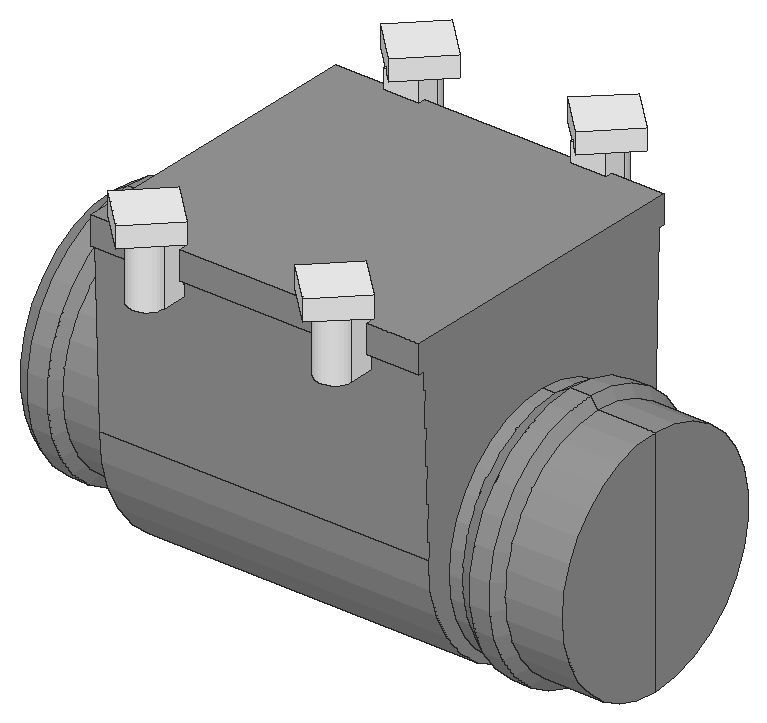
Revit family "HL_Механический канализационный затвор_HL712", category Příslušenství trubek, Revit 2016
Family settings
  Typ součásti = Normální
  Kóta kulaté spojky = Použít průměr
  Číslo OmniClass = 23.65.55.14.21
  Nadpis OmniClass = Non-Return Valves for Liquid Services
  Založené na pracovní rovině = Ne
  Vždy vertikální = Ano
  Ořezat dutým tvarem při načtení = Ne
  Sdílené = Ne
Parameters (values of type "HL_Механический канализационный затвор_HL712")
  РАЗМЕР = "DN125"
  ПРОПУСКНАЯ СПОСОБНОСТЬ [instance] = 0.0 m³/h
  ПРАВОВАЯ ИНФОРМАЦИЯ = "\"Авторские права(©), права на дизайн или какие либо другие права интелектуальной собственности являются исключительной собственностью компании HL Hutterer & Lechner. Изменению не подлежит. Файл семейства с данными о прозводителе изделия защищен паролем с водяным знаком.\""
  ПАДЕНИЕ ДАВЛЕНИЯ [instance] = 0.0 Pa
  НОМИНАЛЬНЫЙ ДИАМЕТР 2 = 125 mm
  НОМИНАЛЬНЫЙ ДИАМЕТР = 125 mm
  МАТЕРИАЛ = "ABS"
  ВЫСОТА МОНТАЖА = "220 mm"
  ВЕС = "1,623 kg"
  Výrobce = "HL Hutterer & Lechner GmbH"
  URL = "http://www.hutterer-lechner.com/ru/products/catalog/roof-drains/HL712.aspx"
  Popis = "Механический канализационный затвор"
  Model = "HL712"
  Komentáře k typům = "Механический магистральный канализационный затвор DN125 с заслонкой из нержавеющей стали"
  Keynote = "HL712"
  EAN = "9003076907120"
  Cena = 0
Types (2, lengths in mm): name | URL | Popis | Komentáře k typům
  (no name) | "http://www.hutterer-lechner.com/en/products/catalog/roof-drains/HL712.aspx" | "Anti flood valves" | "anti-flood valve DN125 with stainless steel flap"
  HL_Механический канализационный затвор_HL712 | "http://www.hutterer-lechner.com/ru/products/catalog/roof-drains/HL712.aspx" | "Механический канализационный затвор" | "Механический магистральный канализационный затвор DN125 с заслонкой из нержавеющей стали"
Values of the unnamed type that differ from the named types
  ПРАВОВАЯ ИНФОРМАЦИЯ = "\"Copyright (©), design rights or any other intellectual property rights, shall be the exclusive property of HL Hutterer & Lechner GmbH. Modification is not allowed. Family has been watermarked.\""
Reference planes
  plane 1 "Střed (vpředu/vzadu)": y = 0
  plane 2: z = 0
  plane 3 "Střed (vlevo/vpravo)": x = 0
Forms (mm)
  Sweep 1, solid, material "Plastic - Orange", detail levels fine
    path origin (99.75, 0, 113.4) x (1, 0, 0) y (0, 1, 0)
      loop
        line (94.75, 0) -> (-94.75, 0)
    profile origin (99.75, 0, 113.4) x (0, -1, 0) y (0, 0, 1)
      loop
        line (0, 0) -> (-88.191, 0) -> (-88.191, -16) -> (-85.007, -16) -> (-81.547, -115.07)
        arc (-81.547, -115.07) -> (-58.136, -173.311) -> (0, -196.982) r 80.412
        arc (0, -196.982) -> (58.136, -173.311) -> (81.547, -115.07) r 80.412
        line (81.547, -115.07) -> (85.007, -16) -> (88.191, -16) -> (88.191, 0) -> (0, 0)
  Extrusion 2, solid, material "Plactic - White", detail levels fine
    sketch origin (99.75, 0, 113.4) x (1, 0, 0) y (0, 1, 0)
      loop
        line (54, -121.127) -> (76.627, -98.5) -> (54, -75.873) -> (31.373, -98.5) -> (54, -121.127)
    from 11.235 to 23.235
  Extrusion 3, solid, material "Plactic - White", detail levels fine
    sketch origin (99.75, 0, 124.635) x (0, 1, 0) y (1, 0, 0)
      loop
        arc (-98.5, 64) -> (-108.5, 54) -> (-98.5, 44) r 10
        line (-98.5, 44) -> (-84.694, 44) -> (-84.694, 64) -> (-98.5, 64)
    from 0 to 37.235
  Extrusion 4, solid, material "Plactic - White", detail levels fine
    sketch origin (-8.25, 0, 113.4) x (1, 0, 0) y (0, 1, 0)
      loop
        line (54, -121.127) -> (76.627, -98.5) -> (54, -75.873) -> (31.373, -98.5) -> (54, -121.127)
    from 11.235 to 23.235
  Extrusion 5, solid, material "Plactic - White", detail levels fine
    sketch origin (-8.25, 0, 124.635) x (0, 1, 0) y (1, 0, 0)
      loop
        arc (-98.5, 64) -> (-108.5, 54) -> (-98.5, 44) r 10
        line (-98.5, 44) -> (-84.694, 44) -> (-84.694, 64) -> (-98.5, 64)
    from 0 to 37.235
  Extrusion 6, solid, material "Plactic - White", detail levels fine
    sketch origin (99.75, 0, 113.4) x (1, 0, 0) y (0, 1, 0)
      loop
        line (54, 121.127) -> (31.373, 98.5) -> (54, 75.873) -> (76.627, 98.5) -> (54, 121.127)
    from 11.235 to 23.235
  Extrusion 7, solid, material "Plactic - White", detail levels fine
    sketch origin (99.75, 0, 124.635) x (0, -1, 0) y (1, 0, 0)
      loop
        arc (-98.5, 64) -> (-108.5, 54) -> (-98.5, 44) r 10
        line (-98.5, 44) -> (-84.694, 44) -> (-84.694, 64) -> (-98.5, 64)
    from 0 to 37.235
  Extrusion 8, solid, material "Plactic - White", detail levels fine
    sketch origin (-8.25, 0, 113.4) x (1, 0, 0) y (0, 1, 0)
      loop
        line (54, 121.127) -> (31.373, 98.5) -> (54, 75.873) -> (76.627, 98.5) -> (54, 121.127)
    from 11.235 to 23.235
  Extrusion 9, solid, material "Plactic - White", detail levels fine
    sketch origin (-8.25, 0, 124.635) x (0, 1, 0) y (1, 0, 0)
      loop
        line (98.5, 64) -> (84.694, 64) -> (84.694, 44) -> (98.5, 44)
        arc (98.5, 44) -> (108.5, 54) -> (98.5, 64) r 10
    from 0 to 37.235
  Revolve 10, solid, material "Plastic - Orange", not visible, detail levels fine
    sketch origin (103.686, 0, 113.4) x (1, 0, 0) y (0, 0, 1)
      loop
        line (156.6, -128.5) -> (90.814, -128.5) -> (90.814, -191) -> (156.6, -191) -> (156.6, -128.5)
      axis (156.6, -128.5) -> (90.814, -128.5)
    angle from 0 to 360
  Revolve 11, solid, material "Plastic - Orange", detail levels fine
    sketch origin (103.686, 0, 113.4) x (1, 0, 0) y (0, 0, 1)
      loop
        line (-156.6, -113.4) -> (-156.6, -180.418) -> (-147.791, -186.042) -> (-136.164, -186.448) -> (-131.953, -180.418) -> (-98.686, -180.418) -> (-98.686, -113.4) -> (-156.6, -113.4)
      axis (-98.686, -113.4) -> (-156.6, -113.4)
    angle from 0 to 360
  Revolve 12, solid, material "Plastic - Orange", detail levels fine
    sketch origin (358.972, 0, 98.3) x (1, 0, 0) y (0, 0, 1)
      loop
        line (-164.472, -113.4) -> (-164.472, -180.418) -> (-156.6, -180.418) -> (-147.791, -186.042) -> (-136.164, -186.448) -> (-131.953, -180.418) -> (-98.686, -180.418) -> (-98.686, -113.4) -> (-164.472, -113.4)
      axis (-98.686, -113.4) -> (-164.472, -113.4)
    angle from 0 to 360
Lines and regions (mm)
  model lines, style "Symbol", detail levels coarse+medium
    curve 1: line (0, 0, -1.67) -> (260.286, 0, -19.316)
    curve 2: line (255.143, 0, -70.493) -> (255.143, 0, 49.507)
    curve 3: line (255.143, 0, 49.507) -> (5.143, 0, 49.507)
    curve 4: line (5.143, 0, -70.493) -> (5.143, 0, 49.507)
    curve 12: line (255.143, 0, -70.493) -> (5.143, 0, -70.493)
  symbolic lines, style "Symbol", detail levels coarse+medium
    curve 5: line (260.286, 0, 0) -> (0, 0, 0)
    curve 6: line (255.143, -60, 0) -> (255.143, 60, 0)
    curve 7: line (255.143, 60, 0) -> (5.143, 60, 0)
    curve 8: line (5.143, -60, 0) -> (5.143, 60, 0)
    curve 9: line (130.143, -105, 0) -> (130.143, 105, 0)
    curve 10: line (255.143, -60, 0) -> (5.143, -60, 0)
  model lines, detail levels coarse+medium
    curve 11: line (130.143, 0, -10.493) -> (130.143, 0, 94.507)
    curve 13: line (130.143, 0, -115.493) -> (130.143, 0, -10.493)
Dimensions and locks
  aligned and locked: level to plane 2
Connectors
  piping at (0, 0, 0), diameter 125, driven by "ПАДЕНИЕ ДАВЛЕНИЯ", driven by "НОМИНАЛЬНЫЙ ДИАМЕТР", driven by "ПРОПУСКНАЯ СПОСОБНОСТЬ"
    settings: on plane 3 "Střed (vlevo/vpravo)", index 1, connector inside diameter 609.6 mm, connector length 0 mm, flow factor 0, pipe flow 0.0 m³/h, pressure drop 0.0 Pa, fitting loss kfactor 0, connector angle 0.00°, fixture units 0, engagement length 0 mm, angle of deflection 0.00°, flow configuration 0, flow direction 0, fitting loss method 4, system type 16, joint type 0, gender type 0, connector reference index -1, connector utility 0, adjustable connector no, is connector primary yes, connector description ""
  piping at (260.286, 0, -15.1), diameter 125, driven by "НОМИНАЛЬНЫЙ ДИАМЕТР 2", driven by "ПРОПУСКНАЯ СПОСОБНОСТЬ"
    settings: on Revolve 10, index 2, connector inside diameter 609.6 mm, connector length 0 mm, flow factor 0, pipe flow 0.0 m³/h, pressure drop 0.0 Pa, fitting loss kfactor 0, connector angle 0.00°, fixture units 0, engagement length 0 mm, angle of deflection 0.00°, flow configuration 1, flow direction 2, fitting loss method 4, system type 16, joint type 0, gender type 0, connector reference index -1, connector utility 0, adjustable connector no, is connector primary no, connector description ""
